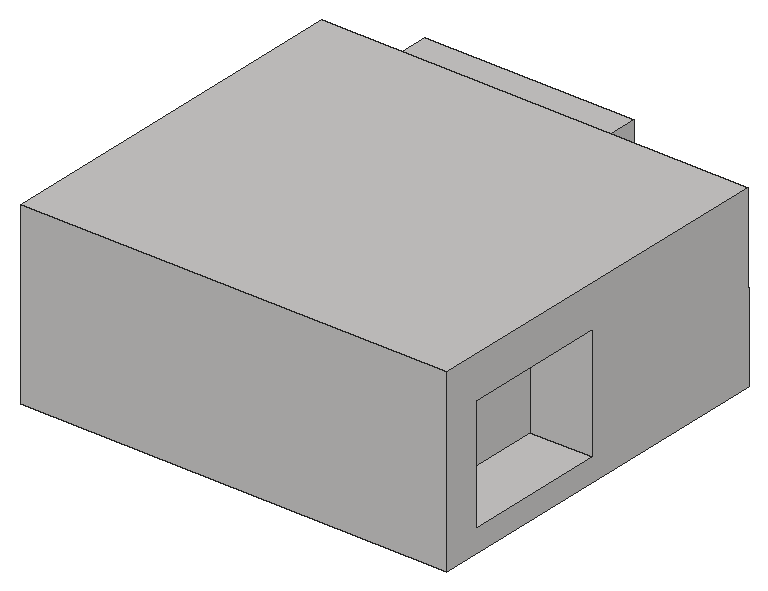
Revit family
Parameters
  Width = 3' - 0 1/8"
  Voltage = 208 V
  Unit Weight = "145.0 lbs"
  UltraLoc Liner = Choose Liner Option = 3  # no
  URL = "http://www.titus-hvac.com/"
  UL = "181"
  Supply Air Flow [instance] = 0 CFM
  SteriLoc Liner = Choose Liner Option = 2  # no
  Primary Air Pressure Drop [instance] = 0.00 in-wg
  Primary Air Flow [instance] = 0 CFM
  Plenum Air Pressure Drop [instance] = 0.00 in-wg
  Plenum Air Flow [instance] = 0 CFM
  Outlet Width = 1' - 2"
  Outlet Vertical Offset = 0' - 1 1/8"
  Outlet Horizontal Offset = 0' - 1 3/8"
  Outlet Height = 0' - 11"
  Number of Poles = 2
  Nominal Width = Width + 0' 6 1/4"  # 3' - 6 3/8"
  Nominal Length = Length + 0' 3 3/8"  # 3' - 8 1/4"
  Nominal Inlet Size = 0' - 10"
  Nominal Height = 1' - 5 1/8"
  NFPA = "90A"
  Motor Full Load Amps = 1.8 A
  Model = "DTQS"
  Min. Air Flow = 0 CFM
  Max. Air Flow = 0 CFM
  Material = Galvanized Steel
  Manufacturer = "Titus"
  Length = 3' - 4 7/8"
  Juction Box Offset = 0' - 4 7/8"
  Inlet Diameter = Nominal Inlet Size - 0' 0 1/8"  # 0' - 9 7/8"
  Induced Air Inlet Offset = 0' - 4 1/2"
  Induced Air Inlet Width = 1' - 1 1/4"
  Induced Air Inlet Height = 1' - 2 1/2"
  Induced Air Filter = no
  Heating Total Capacity [instance] = 0 Btu/h
  Half Outlet Connection Width = Outlet Width / 2  # 0' - 7"
  Half Outlet Connection Height = Outlet Height / 2  # 0' - 5 1/2"
  Half Height Start = -(Nominal Height / 2)  # -0' - 8 9/16"
  Half Height End = Nominal Height / 2  # 0' - 8 9/16"
  HP-Motor = "1/6"
  Frequency = 60 Hz
  Filter Size = "19\"x17\""
  Fiber Free Liner = Choose Liner Option = 1  # no
  Fan Disconnect Switch = no
  Duct Radius = Nominal Inlet Size / 2  # 0' - 5"
  Description = "Series Fan Powered Terminal Unit, Direct Digital Control, Pressure Independent"
  Connection Void Radius = Connection Radius - 0' 0 1/4"  # 0' - 4 11/16"
  Connection Radius = Inlet Diameter / 2  # 0' - 4 15/16"
  Choose Liner Option = 0
  CADworks URL = "www.CADworks.net"
  Assembly Code = "D3040100"
  Apparent Power = Voltage * Motor Full Load Amps  # 374.4 VA
  Air Inlet Offset = 0' - 7"
  1/2" Fiberglass Liner = Choose Liner Option = 0  # yes
Reference planes (in)
  plane 1 "Center (Front/Back)": y = 0
  plane 2: z = 0
  plane 3 "Center (Left/Right)": x = 3
  plane 4: x = -17.4375
  plane 5: x = 23.4375
  plane 6: x = -12.5625
  plane 7: x = -20.8125
  plane 8 "Center (Elevation)": z = 0
  plane 9: y = -18.0625
  plane 10: y = 18.0625
  plane 11: y = 11.0625
  plane 12: y = -13.5625
  plane 13: x = -11.4375
  plane 14: x = 17.4375
  plane 15: y = 24.3125
  plane 16: z = 8.5625
  plane 17: z = -8.5625
Forms (in)
  Extrusion 1, solid, material "Galvanized Steel" <- "Material"
    sketch origin (61, -3.76302, 78.80279) x (1, 0, 0) y (0, 1, 0)
      loop
        line (-78.4375, 21.82552) -> (-78.4375, -14.29948) -> (-37.5625, -14.29948) -> (-37.5625, 21.82552) -> (-78.4375, 21.82552)
    from -87.36529 <- "Half Height Start" to -70.24029 <- "Half Height End"
  Extrusion 2, solid, material "Galvanized Steel" <- "Material"
    sketch origin (6.0625, 0, 42) x (1, 0, 0) y (0, 1, 0)
      loop
        line (-18.625, 18.0625) -> (1.375, 18.0625) -> (1.375, 24.3125) -> (-18.625, 24.3125) -> (-18.625, 18.0625)
    from -48 to -36
  Extrusion 3, void
    sketch origin (23.4375, 18.0625, 76.42779) x (0, 1, 0) y (0, 0, -1)
      loop
        line (-18.625, 71.86529) -> (-18.625, 82.86529) -> (-32.625, 82.86529) -> (-32.625, 71.86529) -> (-18.625, 71.86529)
    from 0 to 6
  Extrusion 4, solid, material "Galvanized Steel" <- "Material"
    sketch origin (-24.875, -0.4375, 0) x (0, 0, -1) y (0, 1, 0)
      loop
        circle (0, 11.5) r 4.9375
    from 4.0625 to 7.4375
  Extrusion 5, void
    sketch origin (-24.875, 0, 0) x (0, 1, 0) y (0, 0, 1)
      loop
        circle (11.0625, 0) r 4.6875
    from 4.0625 to 13.4375
  Extrusion 6, void
    sketch origin (-17.4375, -18.0625, 78.67779) x (0, -1, 0) y (0, 0, -1)
      loop
        line (-17.75, 71.49029) -> (-4.5, 71.49029) -> (-4.5, 85.99029) -> (-17.75, 85.99029) -> (-17.75, 71.49029)
    from 0 to 6
Cuts and joins
  Extrusion 3, Extrusion 5, Extrusion 6 cuts Extrusion 1
  Extrusion 5 cuts Extrusion 4
Dimensions and locks (in)
  "Length": plane 5 to plane 4
  equal spacing: plane 5, plane 3 "Center (Left/Right)", plane 4
  locked: Extrusion 2 to plane 6 at 0
  locked: Extrusion 2 to Extrusion 2 at 20
  "Juction Box Offset": plane 6 to plane 4
  "Outlet Height": Extrusion 3 sketch curve to Extrusion 3 sketch curve
  "Outlet Width": Extrusion 3 sketch curve to Extrusion 3 sketch curve
  locked: plane 4 to plane 7 at 3.375
  "Width": plane 9 to plane 10
  equal spacing: plane 9, plane 1 "Center (Front/Back)", plane 10
  locked: Extrusion 4 sketch curve to level at 0
  locked: Extrusion 4 sketch curve to plane 11 at 0
  locked: Extrusion 5 sketch curve to level at 0
  locked: Extrusion 5 sketch curve to plane 11 at 0
  locked: Extrusion 2 to Extrusion 2 at 6.25
  "Air Inlet Offset": plane 10 to plane 11
  locked: Extrusion 2 to plane 10 at 0
  locked: cut or joined group of Extrusion 4, Extrusion 5 to plane 7 at 0
  locked: cut or joined group of Extrusion 4, Extrusion 5 to cut or joined group of Extrusion 4, Extrusion 5 at 3.375
  "Induced Air Inlet Offset": plane 9 to plane 12
  "Induced Air Inlet Width": Extrusion 6 sketch curve to Extrusion 6 sketch curve
  "Induced Air Inlet Height": Extrusion 6 sketch curve to Extrusion 6 sketch curve
  "Induced Air Inlet Offset": Extrusion 6 sketch curve to plane 9
  locked: plane 9 to Extrusion 3 sketch curve at 3.5
  cut or joined group of Extrusion 1, Extrusion 3, Extrusion 5, Extrusion 6 to Extrusion 6 sketch curve = 0' - 1 3/8"
  cut or joined group of Extrusion 1, Extrusion 3, Extrusion 5, Extrusion 6 to Extrusion 3 sketch curve = 0' - 2 1/8"
  locked: Extrusion 2 to Extrusion 2 at 12
  equal spacing: Extrusion 2, level, Extrusion 2
  locked: cut or joined group of Extrusion 1, Extrusion 3, Extrusion 5, Extrusion 6 to cut or joined group of Extrusion 1, Extrusion 3, Extrusion 5, Extrusion 6 at 17.125
  equal spacing: cut or joined group of Extrusion 1, Extrusion 3, Extrusion 5, Extrusion 6, level, cut or joined group of Extrusion 1, Extrusion 3, Extrusion 5, Extrusion 6
  locked: plane 4 to plane 13 at 6
  locked: plane 14 to plane 5 at 6
  "Connection Radius": radius of Extrusion 4 sketch curve
  "Connection Void Radius": radius of Extrusion 5 sketch curve
  aligned and locked: cut or joined group of Extrusion 1, Extrusion 3, Extrusion 5, Extrusion 6 to plane 10
  aligned and locked: plane 9 to cut or joined group of Extrusion 1, Extrusion 3, Extrusion 5, Extrusion 6
  aligned and locked: plane 5 to cut or joined group of Extrusion 1, Extrusion 3, Extrusion 5, Extrusion 6
  aligned and locked: cut or joined group of Extrusion 1, Extrusion 3, Extrusion 5, Extrusion 6 to plane 4
  aligned and locked: Extrusion 3 to plane 14
  aligned and locked: plane 13 to Extrusion 6
  aligned and locked: Extrusion 6 to Extrusion 5
Automatic sketch dimensions
  plane 4 to Extrusion 1 sketch curve = 0' - 0"
  plane 5 to Extrusion 1 sketch curve = 0' - 0"
  plane 9 to Extrusion 1 sketch curve = 0' - 0"
  plane 10 to Extrusion 1 sketch curve = 0' - 0"
  Extrusion 2 sketch curve to plane 6 = 0' - 0"
  Extrusion 2 sketch curve to plane 10 = 0' - 0"
  plane 3 "Center (Left/Right)" to Extrusion 2 sketch curve = 0' - 4 7/16"
  Extrusion 2 sketch curve to plane 10 = 0' - 6 1/4"
Connectors (in)
  electrical at (-2.5625, 24.3125, 0), driven by "Apparent Power", driven by "Voltage", driven by "Number of Poles"
    settings: on Extrusion 2, index 8
  hvac at (-20.8125, 11.0625, 0), driven by "Primary Air Flow", driven by "Duct Radius", driven by "Primary Air Pressure Drop"
    settings: on cut or joined group of Extrusion 4, Extrusion 5, index 9
  hvac at (-17.4375, -6.9375, -0.0625), driven by "Induced Air Inlet Width", driven by "Induced Air Inlet Height", driven by "Plenum Air Pressure Drop", driven by "Plenum Air Flow"
    settings: on cut or joined group of Extrusion 1, Extrusion 3, Extrusion 5, Extrusion 6, index 14
  hvac at (23.4375, -7.5625, -0.9375), driven by "Supply Air Flow", driven by "Outlet Width", driven by "Outlet Height"
    settings: on cut or joined group of Extrusion 1, Extrusion 3, Extrusion 5, Extrusion 6, index 15
